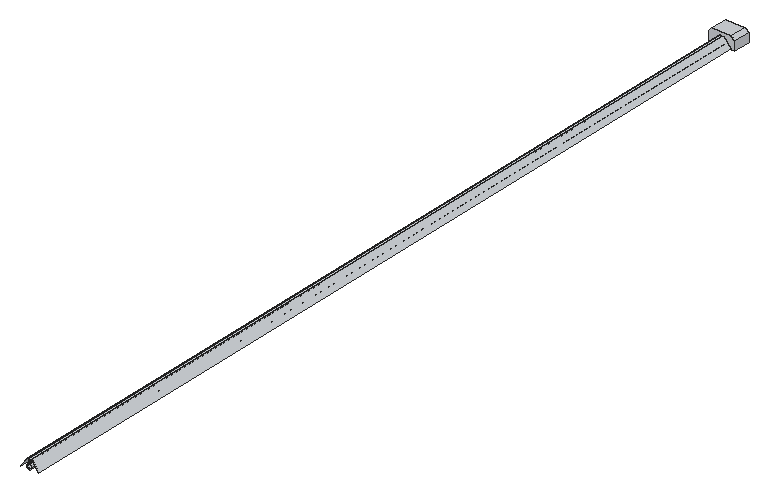
Revit family "V3 Box With 50' Tube Assembly", category Mechanical Equipment, Revit 2012
Parameters (values of type "Infra-Red")
  Weight = ""
  Voltage = 0 V
  URL = "www.DetroitRadiant.com"
  Top Clearance = 0' - 0"
  Stage = ""
  Side Clearances = 0' - 0"
  Recommended Mounting Height = ""
  Material = ""
  Manufacturer = "Detroit Radiant Products Company"
  Length = 0' - 0"
  Heat Gain (Low Fire) = 0.0 Btu/h
  Heat Gain (High Fire) = 0.0 Btu/h
  Gas Type = ""
  Frequency = 0 Hz
  Current = 0 A
  Below Clearance = 0' - 0"
  Back Clearance = 0' - 0"
  Apparent Power = 0 VA
Reference planes (in)
  plane 1 "Center (Front/Back)": y = 0
  plane 2: z = 0
  plane 3 "Center (Left/Right)": x = 0
Forms (in)
  Extrusion 1, solid
    sketch origin (0, 0, 0) x (1, 0, 0) y (0, 0, 1)
      loop
        line (-6.375, 8.625) -> (-9, 6) -> (-9, 0) -> (9.5, 0) -> (9.5, 6) -> (6.875, 8.625) -> (-6.375, 8.625)
    from 12 to 0
  Extrusion 2, solid
    sketch origin (0, -12, -0.80973) x (1, 0, 0) y (0, 0, 1)
      loop
        line (-6.25, 1.1425) -> (-6, 1.1425) -> (-1.00787, 7.21737) -> (0.25, 6.625) -> (1.50787, 7.21737) -> (6.5, 1.1425) -> (6.75, 1.1425) -> (1.54, 7.4825) -> (0.25, 6.875) -> (-1.04, 7.4825) -> (-6.25, 1.1425)
    from 609 to 0
Lines and regions (in)
  model lines
    curve 1: line (-9, 0, 0) -> (9.5, 0, 0)
Dimensions and locks (in)
  aligned and locked: plane 2 to level
Nested families (in)
  nested 1: "40' Tube (Black)" at (13.81098, -256, 0.38558) x (0, 1, 0) z (0, 0, 1), type "10' Burner"
  nested 2: "10' Black Tube" at (13.81098, -140, 0.38558) x (0, 1, 0) z (0, 0, 1), type "10' Burner"
Definition of nested family "40' Tube (Black)"
  Parameters (values of type "10' Burner")
    h = 0.0 Btu/h
    Tube = none
    Reflector = none
    Heating = 50000 VA  # 170607.1 Btu/h
    Hanger = none
  Reference planes (in)
    plane 1 "Center (Front/Back)": y = 0
    plane 2: z = 0
    plane 3 "Center (Left/Right)": x = 0
  Forms (in)
    Extrusion 1, solid, material "Default 3"
      sketch origin (96, 292.12195, 0) x (0, -1, 0) y (0, 0, 1)
        loop
          circle (278.56098, 1.61442) r 2
        loop
          circle (278.56098, 1.61442) r 1.80078
      from 116 to 0
    Extrusion 2, solid, material "Default 3"
      sketch origin (-24, -265, 0) x (0, 1, 0) y (0, 0, 1)
        loop
          circle (278.56098, 1.61442) r 1.60156
        loop
          circle (278.56098, 1.61442) r 1.80078
      from 4 to 0
    Extrusion 3, solid, material "Default 3"
      sketch origin (-20, 292.12195, 0) x (0, -1, 0) y (0, 0, 1)
        loop
          circle (278.56098, 1.61442) r 2
        loop
          circle (278.56098, 1.61442) r 1.80078
      from 116 to 0
    Extrusion 4, solid, material "Default 3"
      sketch origin (-140, -265, 0) x (0, 1, 0) y (0, 0, 1)
        loop
          circle (278.56098, 1.61442) r 1.60156
        loop
          circle (278.56098, 1.61442) r 1.80078
      from 4 to 0
    Extrusion 5, solid, material "Default 3"
      sketch origin (-136, 292.12195, 0) x (0, -1, 0) y (0, 0, 1)
        loop
          circle (278.56098, 1.61442) r 2
        loop
          circle (278.56098, 1.61442) r 1.80078
      from 116 to 0
    Extrusion 6, solid, material "Default 3"
      sketch origin (-256, -264.841, 0) x (0, 1, 0) y (0, 0, 1)
        loop
          circle (278.56098, 1.61442) r 1.60156
        loop
          circle (278.56098, 1.61442) r 1.80078
      from 4 to 0
    Extrusion 7, solid, material "Default 3"
      sketch origin (-252, 292.12195, 0) x (0, -1, 0) y (0, 0, 1)
        loop
          circle (278.56098, 1.61442) r 2
        loop
          circle (278.56098, 1.61442) r 1.80078
      from 109 to 0
    Extrusion 8, solid, material "Default 3"
      sketch origin (-365, -265, 0) x (0, 1, 0) y (0, 0, 1)
        loop
          circle (278.56098, 1.61442) r 1.60156
        loop
          circle (278.56098, 1.61442) r 1.80078
      from 4 to 0
  Lines and regions (in)
    model lines
      curve 1: circle (0, 13.56098, 1.61442) r 1.80078 normal (1, 0, 0)
      curve 2: circle (0, 13.56098, 1.61442) r 1.60156 normal (1, 0, 0)
      curve 3: circle (-133, 13.56098, 1.61442) r 1.80078 normal (1, 0, 0)
      curve 4: circle (-133, 13.56098, 1.61442) r 1.60156 normal (1, 0, 0)
      curve 5: circle (-248.04168, 13.71997, 1.61442) r 1.80078 normal (1, 0, 0)
      curve 6: circle (-248.04168, 13.71997, 1.61442) r 1.60156 normal (1, 0, 0)
  Dimensions and locks (in)
    aligned and locked: plane 2 to level
Definition of nested family "10' Black Tube"
  Parameters (values of type "Tube")
    h = 0.0 Btu/h
    Tube = none
    Reflector = none
    Heating = 50000 VA  # 170607.1 Btu/h
    Hanger = none
  Types (2): name
    10' Burner
    Tube
  Reference planes (in)
    plane 1 "Center (Front/Back)": y = 0
    plane 2: z = 0
    plane 3 "Center (Left/Right)": x = 0
  Forms (in)
    Extrusion 1, solid, material "Default 3"
      sketch origin (128, 292.12195, 0) x (0, -1, 0) y (0, 0, 1)
        loop
          circle (278.56098, 1.61442) r 2
        loop
          circle (278.56098, 1.61442) r 1.80078
      from 148 to 0
    Extrusion 2, solid, material "Default 3"
      sketch origin (-24, -265, 0) x (0, 1, 0) y (0, 0, 1)
        loop
          circle (278.56098, 1.61442) r 1.60156
        loop
          circle (278.56098, 1.61442) r 1.80078
      from 4 to 0
  Lines and regions (in)
    model lines
      curve 1: circle (0, 13.56098, 1.61442) r 1.80078 normal (1, 0, 0)
      curve 2: circle (0, 13.56098, 1.61442) r 1.60156 normal (1, 0, 0)
  Dimensions and locks (in)
    aligned and locked: plane 2 to level
